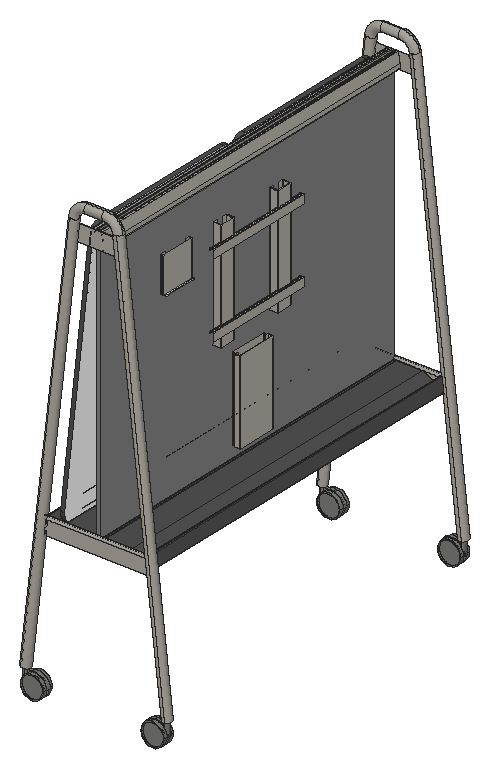
Revit family "Work_Tools_&_Leg_Screens-Teknion-CQCTB_Routes_Tech_Board-R2021", category Furniture, Revit 2021 (continued)
Lines and regions (in)
  symbolic lines, style "FurnitureHiddenLines", detail levels fine
    curve 20: line (-8.55724, -31.36211, 0) -> (-8.55724, -31.92711, 0)
    curve 21: line (-12.48099, -31.92711, 0) -> (-12.48099, -31.52853, 0)
    curve 22: line (-12.48099, -32.97772, 0) -> (-12.48099, -32.57711, 0)
    curve 23: line (-8.55724, -32.57711, 0) -> (-12.48099, -32.57711, 0)
    curve 24: line (-8.55724, -32.57711, 0) -> (-8.55724, -32.99478, 0)
    curve 25: line (-12.60742, -31.96711, 0) -> (-8.44179, -31.96711, 0)
    curve 26: line (-12.60742, -32.53711, 0) -> (-12.60742, -31.96711, 0)
    curve 27: line (-8.44179, -32.53711, 0) -> (-12.60742, -32.53711, 0)
    curve 28: line (-8.44179, -31.96711, 0) -> (-8.44179, -32.53711, 0)
    curve 29: line (8.60079, -31.36211, 0) -> (7.91139, -31.36211, 0)
    curve 30: line (7.91139, -31.92711, 0) -> (11.83514, -31.92711, 0)
    curve 31: line (7.91139, -31.36211, 0) -> (7.91139, -31.92711, 0)
    curve 32: line (11.83514, -31.92711, 0) -> (11.83514, -31.52853, 0)
    curve 33: line (11.83514, -32.97772, 0) -> (11.83514, -32.57711, 0)
    curve 34: line (7.91139, -32.57711, 0) -> (11.83514, -32.57711, 0)
    curve 35: line (7.91139, -32.57711, 0) -> (7.91139, -32.99478, 0)
    curve 36: line (11.96157, -31.96711, 0) -> (7.79594, -31.96711, 0)
    curve 37: line (11.96157, -32.53711, 0) -> (11.96157, -31.96711, 0)
    curve 38: line (7.79594, -32.53711, 0) -> (11.96157, -32.53711, 0)
    curve 39: line (7.79594, -31.96711, 0) -> (7.79594, -32.53711, 0)
    curve 46: line (-9.24664, 29.50349, 0) -> (-8.55724, 29.50349, 0)
    curve 47: line (-8.55724, 30.06849, 0) -> (-12.48099, 30.06849, 0)
    curve 48: line (-8.55724, 29.50349, 0) -> (-8.55724, 30.06849, 0)
    curve 49: line (-12.48099, 30.06849, 0) -> (-12.48099, 29.66992, 0)
    curve 50: line (-12.48099, 31.11911, 0) -> (-12.48099, 30.71849, 0)
    curve 51: line (-8.55724, 30.71849, 0) -> (-12.48099, 30.71849, 0)
    curve 52: line (-8.55724, 30.71849, 0) -> (-8.55724, 31.13617, 0)
    curve 53: line (-12.60742, 30.10849, 0) -> (-8.44179, 30.10849, 0)
    curve 54: line (-12.60742, 30.67849, 0) -> (-12.60742, 30.10849, 0)
    curve 55: line (-8.44179, 30.67849, 0) -> (-12.60742, 30.67849, 0)
    curve 56: line (-8.44179, 30.10849, 0) -> (-8.44179, 30.67849, 0)
    curve 57: line (8.60079, 29.50349, 0) -> (7.91139, 29.50349, 0)
    curve 58: line (7.91139, 30.06849, 0) -> (11.83514, 30.06849, 0)
    curve 59: line (7.91139, 29.50349, 0) -> (7.91139, 30.06849, 0)
    curve 60: line (11.83514, 30.06849, 0) -> (11.83514, 29.66992, 0)
    curve 61: line (11.83514, 31.11911, 0) -> (11.83514, 30.71849, 0)
    curve 62: line (7.91139, 30.71849, 0) -> (11.83514, 30.71849, 0)
    curve 63: line (7.91139, 30.71849, 0) -> (7.91139, 31.13617, 0)
    curve 64: line (11.96157, 30.10849, 0) -> (7.79594, 30.10849, 0)
    curve 65: line (11.96157, 30.67849, 0) -> (11.96157, 30.10849, 0)
    curve 66: line (7.79594, 30.67849, 0) -> (11.96157, 30.67849, 0)
    curve 67: line (7.79594, 30.10849, 0) -> (7.79594, 30.67849, 0)
  symbolic lines, style "FurnitureHiddenLines", detail levels medium+fine
    curve 40: spline (-12.03004, -31.54826, 0) -> (-11.85688, -31.63305, 0) -> (-11.71109, -31.7597, 0) -> (-11.60241, -31.91972, 0) -> (-11.53811, -32.10244, 0) -> (-11.52247, -32.29565, 0) -> (-11.55655, -32.48643, 0) -> (-11.63806, -32.66206, 0) -> (-11.76157, -32.81078, 0) -> (-11.91881, -32.92268, 0) -> (-12.09929, -32.99026, 0) -> (-12.29095, -33.00903, 0) -> (-12.48099, -32.97772, 0)
    curve 41: spline (11.83514, -32.97772, 0) -> (11.6451, -33.00903, 0) -> (11.45344, -32.99026, 0) -> (11.27296, -32.92268, 0) -> (11.11571, -32.81078, 0) -> (10.99221, -32.66206, 0) -> (10.9107, -32.48643, 0) -> (10.87662, -32.29565, 0) -> (10.89226, -32.10244, 0) -> (10.95656, -31.91972, 0) -> (11.06524, -31.7597, 0) -> (11.21103, -31.63305, 0) -> (11.38419, -31.54826, 0)
    curve 42: spline (-3.84049, -31.54826, 0) -> (-4.0314, -31.51084, 0) -> (-4.22543, -31.52445, 0) -> (-4.40935, -31.58814, 0) -> (-4.57062, -31.69757, 0) -> (-4.69826, -31.8453, 0) -> (-4.78357, -32.02125, 0) -> (-4.82074, -32.21343, 0) -> (-4.80723, -32.40875, 0) -> (-4.74396, -32.59389, 0) -> (-4.63524, -32.75624, 0) -> (-4.48849, -32.88473, 0) -> (-4.3137, -32.97061, 0)
    curve 43: spline (-4.3137, -32.97061, 0) -> (-4.12279, -33.00802, 0) -> (-3.92876, -32.99442, 0) -> (-3.74485, -32.93073, 0) -> (-3.58357, -32.82129, 0) -> (-3.45593, -32.67356, 0) -> (-3.37062, -32.49761, 0) -> (-3.33345, -32.30543, 0) -> (-3.34697, -32.11011, 0) -> (-3.41024, -31.92497, 0) -> (-3.51895, -31.76263, 0) -> (-3.6657, -31.63413, 0) -> (-3.84049, -31.54826, 0)
    curve 44: spline (3.19464, -31.54826, 0) -> (3.01985, -31.63413, 0) -> (2.8731, -31.76263, 0) -> (2.76438, -31.92497, 0) -> (2.70111, -32.11011, 0) -> (2.6876, -32.30543, 0) -> (2.72477, -32.49761, 0) -> (2.81008, -32.67356, 0) -> (2.93772, -32.82129, 0) -> (3.099, -32.93073, 0) -> (3.28291, -32.99442, 0) -> (3.47694, -33.00802, 0) -> (3.66785, -32.97061, 0)
    curve 45: spline (3.66785, -32.97061, 0) -> (3.84264, -32.88473, 0) -> (3.98939, -32.75624, 0) -> (4.0981, -32.59389, 0) -> (4.16137, -32.40875, 0) -> (4.17489, -32.21343, 0) -> (4.13772, -32.02125, 0) -> (4.05241, -31.8453, 0) -> (3.92477, -31.69757, 0) -> (3.76349, -31.58814, 0) -> (3.57958, -31.52445, 0) -> (3.38555, -31.51084, 0) -> (3.19464, -31.54826, 0)
    curve 68: spline (-12.03004, 29.68964, 0) -> (-11.85688, 29.77444, 0) -> (-11.71109, 29.90108, 0) -> (-11.60241, 30.06111, 0) -> (-11.53811, 30.24383, 0) -> (-11.52247, 30.43703, 0) -> (-11.55655, 30.62782, 0) -> (-11.63806, 30.80344, 0) -> (-11.76157, 30.95217, 0) -> (-11.91881, 31.06406, 0) -> (-12.09929, 31.13165, 0) -> (-12.29095, 31.15042, 0) -> (-12.48099, 31.11911, 0)
    curve 69: spline (11.83514, 31.11911, 0) -> (11.6451, 31.15042, 0) -> (11.45344, 31.13165, 0) -> (11.27296, 31.06406, 0) -> (11.11571, 30.95217, 0) -> (10.99221, 30.80344, 0) -> (10.9107, 30.62782, 0) -> (10.87662, 30.43703, 0) -> (10.89226, 30.24383, 0) -> (10.95656, 30.06111, 0) -> (11.06524, 29.90108, 0) -> (11.21103, 29.77444, 0) -> (11.38419, 29.68964, 0)
    curve 70: spline (-3.84049, 29.68964, 0) -> (-4.0314, 29.65223, 0) -> (-4.22543, 29.66583, 0) -> (-4.40935, 29.72952, 0) -> (-4.57062, 29.83896, 0) -> (-4.69826, 29.98669, 0) -> (-4.78357, 30.16264, 0) -> (-4.82074, 30.35482, 0) -> (-4.80723, 30.55014, 0) -> (-4.74396, 30.73528, 0) -> (-4.63524, 30.89762, 0) -> (-4.48849, 31.02612, 0) -> (-4.3137, 31.11199, 0)
    curve 71: spline (-4.3137, 31.11199, 0) -> (-4.12279, 31.14941, 0) -> (-3.92876, 31.1358, 0) -> (-3.74485, 31.07211, 0) -> (-3.58357, 30.96268, 0) -> (-3.45593, 30.81495, 0) -> (-3.37062, 30.639, 0) -> (-3.33345, 30.44682, 0) -> (-3.34697, 30.2515, 0) -> (-3.41024, 30.06636, 0) -> (-3.51895, 29.90401, 0) -> (-3.6657, 29.77552, 0) -> (-3.84049, 29.68964, 0)
    curve 72: spline (3.19464, 29.68964, 0) -> (3.01985, 29.77552, 0) -> (2.8731, 29.90401, 0) -> (2.76438, 30.06636, 0) -> (2.70111, 30.2515, 0) -> (2.6876, 30.44682, 0) -> (2.72477, 30.639, 0) -> (2.81008, 30.81495, 0) -> (2.93772, 30.96268, 0) -> (3.099, 31.07211, 0) -> (3.28291, 31.1358, 0) -> (3.47694, 31.14941, 0) -> (3.66785, 31.11199, 0)
    curve 73: spline (3.66785, 31.11199, 0) -> (3.84264, 31.02612, 0) -> (3.98939, 30.89762, 0) -> (4.0981, 30.73528, 0) -> (4.16137, 30.55014, 0) -> (4.17489, 30.35482, 0) -> (4.13772, 30.16264, 0) -> (4.05241, 29.98669, 0) -> (3.92477, 29.83896, 0) -> (3.76349, 29.72952, 0) -> (3.57958, 29.66583, 0) -> (3.38555, 29.65223, 0) -> (3.19464, 29.68964, 0)
    curve 74: line (-9.31799, 30.64349, 0) -> (8.68201, 30.64349, 0)
    curve 75: line (-9.31799, 29.89349, 0) -> (-9.31799, 30.64349, 0)
    curve 76: line (8.68201, 29.89349, 0) -> (-9.31799, 29.89349, 0)
    curve 77: line (8.68201, 30.64349, 0) -> (8.68201, 29.89349, 0)
    curve 78: line (-9.32562, -31.75211, 0) -> (8.67438, -31.75211, 0)
    curve 79: line (-9.32562, -32.50211, 0) -> (-9.32562, -31.75211, 0)
    curve 80: line (8.67438, -32.50211, 0) -> (-9.32562, -32.50211, 0)
    curve 81: line (8.67438, -31.75211, 0) -> (8.67438, -32.50211, 0)
Dimensions and locks (in)
  plane 4 "Left" to plane 5 "Right" = 25.31626"
  plane 6 "Back" to plane 7 "Front" = 64.4256"
  plane 8 "Top" to level = 77.87003"
  equal spacing: plane 7 "Front", plane 1 "Center Front/Back", plane 6 "Back"
  equal spacing: plane 4 "Left", plane 3 "Center Left/Right", plane 5 "Right"
  aligned and locked: level to plane 2
Automatic sketch dimensions
  curve 90 to curve 91 = 0.000"  (x2)
  curve 96 to curve 97 = 0.000"  (x2)
  curve 98 to curve 99 = 0.000"  (x2)
  curve 102 to curve 103 = 0.000"  (x2)
  curve 109 to curve 110 = 0.000"  (x2)
  curve 115 to curve 116 = 0.000"  (x2)
  curve 117 to curve 118 = 0.000"  (x2)
  curve 121 to curve 122 = 0.000"  (x2)
  curve 127 to curve 153 = 0.000"  (x2)
  curve 129 to curve 151 = 0.000"  (x2)
  curve 131 to curve 149 = 0.000"  (x2)
  curve 133 to curve 147 = 0.000"  (x2)
  curve 138 to curve 144 = 0.000"  (x2)
  curve 140 to curve 142 = 0.000"  (x2)
  curve 160 to curve 172 = 0.000"  (x2)
  curve 162 to curve 170 = 0.000"  (x2)
  curve 164 to curve 168 = 0.000"  (x2)
  curve 174 to curve 178 = 0.000"  (x2)
  plane 4 "Left" to curve 53 = 0.37363"
  plane 4 "Left" to curve 26 = 0.37363"
  curve 26 to curve 22 = 0.12643"
  curve 50 to plane 6 "Back" = 0.16438"
  curve 54 to curve 50 = 0.12643"
  curve 25 to curve 21 = 0.12643"
  curve 53 to curve 49 = 0.12643"
  curve 79 to plane 7 "Front" = 1.390"
  curve 19 to curve 79 = 3.15537"
  curve 75 to plane 6 "Back" = 1.390"
  curve 47 to curve 75 = 3.163"
  curve 78 to curve 20 = 0.76838"
  curve 75 to curve 46 = 0.76075"
  curve 23 to curve 19 = 0.000"
  curve 51 to curve 47 = 0.000"
  curve 23 to curve 27 = 0.11545"
  curve 51 to curve 55 = 0.11545"
  curve 5 to plane 6 "Back" = 0.87938"
  curve 5 to plane 3 "Center Left/Right" = 3.76284"
  curve 16 to plane 7 "Front" = 0.87938"
  curve 16 to plane 3 "Center Left/Right" = 3.76284"
  curve 13 to plane 3 "Center Left/Right" = 1.99282"
  curve 82 to plane 3 "Center Left/Right" = 1.99282"
  plane 3 "Center Left/Right" to curve 89 = 0.35838"
  plane 3 "Center Left/Right" to curve 108 = 0.35838"
  plane 3 "Center Left/Right" to curve 176 = 0.39838"
  plane 3 "Center Left/Right" to curve 167 = 0.39838"
  plane 3 "Center Left/Right" to curve 143 = 0.42248"
  plane 3 "Center Left/Right" to curve 101 = 0.43338"
  plane 3 "Center Left/Right" to curve 120 = 0.43338"
  curve 89 to curve 88 = 0.075"
  curve 106 to curve 106 = 0.075"
  curve 168 to curve 165 = 0.036"
  curve 144 to curve 139 = 0.0359"
  curve 88 to curve 85 = 0.030"
  curve 118 to curve 118 = 0.030"
  curve 99 to curve 94 = 0.030"
  curve 110 to curve 110 = 0.030"
  curve 164 to curve 163 = 0.031"
  curve 178 to curve 173 = 0.031"
  curve 138 to curve 144 = 0.031"
  curve 140 to curve 142 = 0.031"
  curve 178 to curve 160 = 0.366"
  curve 164 to curve 170 = 0.366"
  curve 160 to curve 161 = 0.031"
  curve 140 to curve 124 = 0.5581"
  curve 144 to curve 146 = 0.5581"
  curve 141 to curve 123 = 0.000"
  curve 136 to curve 145 = 0.000"
  curve 124 to curve 126 = 0.036"
  curve 133 to curve 147 = 0.031"
  curve 127 to curve 152 = 0.031"
  curve 172 to curve 180 = 0.250"
  curve 170 to curve 182 = 0.250"
  curve 182 to curve 181 = 0.250"
  plane 3 "Center Left/Right" to curve 157 = 1.6549"
  curve 110 to curve 122 = 1.290"
  curve 98 to curve 97 = 1.290"
  curve 117 to curve 114 = 1.290"
  curve 91 to curve 102 = 1.290"
  curve 102 to curve 92 = 0.030"
  curve 121 to curve 111 = 0.030"
  curve 147 to curve 148 = 0.741"
  curve 127 to curve 151 = 0.7439"
  curve 131 to curve 130 = 0.031"
  curve 155 to curve 158 = 0.70348"
  curve 17 to plane 7 "Front" = 0.87938"
  plane 3 "Center Left/Right" to curve 17 = 3.76284"
  curve 6 to plane 6 "Back" = 0.87938"
  plane 3 "Center Left/Right" to curve 6 = 3.76284"
  curve 67 to plane 6 "Back" = 0.605"
  curve 6 to curve 67 = 4.35602"
  curve 39 to plane 7 "Front" = 1.175"
  curve 17 to curve 39 = 4.35602"
  curve 64 to curve 59 = 0.11545"
  curve 66 to curve 62 = 0.11545"
  curve 38 to curve 35 = 0.11545"
  curve 36 to curve 31 = 0.11545"
  curve 34 to curve 81 = 0.763"
  curve 62 to curve 74 = 0.77063"
  curve 33 to plane 7 "Front" = 0.16438"
  plane 5 "Right" to curve 33 = 0.50006"
  plane 5 "Right" to curve 32 = 0.50006"
  plane 5 "Right" to curve 62 = 0.50006"
  plane 5 "Right" to curve 58 = 0.50006"
  curve 61 to curve 65 = 0.12643"
  curve 30 to curve 36 = 0.12643"
  curve 22 to plane 7 "Front" = 0.16438"
  curve 23 to plane 7 "Front" = 0.565"
  curve 35 to plane 7 "Front" = 0.565"
  curve 22 to curve 27 = 0.040"
  curve 33 to curve 38 = 0.040"
  curve 80 to plane 7 "Front" = 0.640"
  curve 26 to curve 26 = 0.570"
  curve 25 to curve 20 = 0.040"
  curve 36 to curve 31 = 0.040"
  curve 30 to curve 31 = 0.565"
  curve 19 to curve 20 = 0.565"
  curve 16 to curve 82 = 3.05615"
  curve 82 to curve 169 = 9.98467"
  curve 170 to curve 183 = 0.033"
  curve 164 to curve 165 = 0.683"
  curve 165 to curve 177 = 4.500"
  curve 176 to curve 180 = 0.400"
  curve 179 to curve 174 = 0.033"
  curve 180 to curve 157 = 2.975"
  curve 156 to curve 114 = 2.125"
  curve 118 to curve 119 = 0.645"
  curve 119 to curve 106 = 1.400"
  curve 106 to curve 109 = 0.495"
  curve 121 to curve 148 = 1.125"
  curve 146 to curve 146 = 0.1205"
  curve 136 to curve 136 = 0.2766"
  curve 143 to curve 82 = 0.38593"
  curve 13 to plane 1 "Center Front/Back" = 1.77795"
  curve 124 to plane 1 "Center Front/Back" = 3.0824"
  curve 124 to curve 140 = 0.2456"
  curve 141 to curve 154 = 0.1205"
  curve 152 to curve 95 = 1.125"
  curve 99 to curve 101 = 0.495"
  curve 100 to curve 87 = 1.400"
  curve 87 to curve 93 = 0.645"
  curve 102 to curve 158 = 2.125"
  curve 13 to curve 5 = 4.05547"
  curve 59 to curve 76 = 0.390"
  curve 48 to curve 75 = 0.390"
  curve 47 to curve 68 = 1.05062"
  curve 60 to curve 65 = 0.610"
  curve 58 to curve 64 = 0.040"
  curve 47 to curve 56 = 0.040"
  curve 77 to plane 6 "Back" = 0.640"
  curve 53 to curve 56 = 0.570"
  curve 66 to curve 62 = 0.040"
  curve 55 to curve 52 = 0.040"
  curve 61 to plane 6 "Back" = 0.16438"
  curve 22 to curve 40 = 0.21434"
  curve 49 to curve 68 = 0.21434"
  curve 68 to curve 68 = 0.23661"
  curve 40 to curve 40 = 0.23661"
  curve 75 to curve 46 = 0.07135"
  curve 78 to curve 18 = 0.07898"
  curve 7 to curve 5 = 1.67871"
  curve 42 to curve 16 = 0.22793"
  curve 70 to curve 5 = 0.22793"
  curve 16 to curve 42 = 0.00867"
  curve 5 to curve 70 = 0.00867"
  curve 43 to curve 42 = 0.000"  (x2)
  curve 71 to curve 70 = 0.000"  (x2)
  curve 70 to curve 71 = 0.23661"
  curve 42 to curve 42 = 0.23661"
  plane 1 "Center Front/Back" to curve 15 = 0.22205"
  curve 15 to curve 15 = 0.21396"
  curve 83 to curve 82 = 0.21396"
  curve 14 to curve 13 = 0.21396"
  curve 42 to curve 84 = 1.31078"
  curve 84 to curve 10 = 1.0611"
  curve 11 to plane 3 "Center Left/Right" = 0.29642"
  plane 3 "Center Left/Right" to curve 12 = 0.30004"
  curve 120 to curve 119 = 0.075"
  curve 101 to curve 100 = 0.075"
  curve 12 to curve 9 = 0.84788"
  curve 72 to curve 6 = 0.24528"
  curve 45 to curve 17 = 0.24528"
  curve 45 to curve 17 = 0.00867"
  curve 72 to curve 6 = 0.00867"
  curve 73 to curve 72 = 0.000"
  curve 44 to curve 45 = 0.000"  (x2)
  curve 6 to curve 72 = 0.22793"
  curve 17 to curve 44 = 0.22793"
  curve 17 to curve 8 = 1.68096"
  curve 29 to curve 78 = 0.0736"
  curve 57 to curve 76 = 0.08123"
  curve 69 to curve 60 = 0.45095"
  curve 41 to curve 32 = 0.45095"
  curve 69 to plane 6 "Back" = 0.13268"
  curve 69 to curve 69 = 0.21434"
  curve 41 to curve 33 = 0.21434"
  curve 24 to plane 7 "Front" = 0.14732"
  curve 35 to plane 7 "Front" = 0.14732"
  curve 45 to plane 7 "Front" = 0.13268"
  curve 41 to plane 7 "Front" = 0.13268"
  curve 16 to plane 7 "Front" = 0.12938"
  curve 17 to curve 44 = 0.00329"  (x2)
  curve 45 to plane 7 "Front" = 0.1715"
  curve 42 to plane 7 "Front" = 0.1715"
  curve 16 to curve 42 = 0.00329"  (x2)
  curve 22 to curve 40 = 0.31768"
  curve 33 to curve 41 = 0.31768"
  curve 19 to curve 40 = 0.37885"
  curve 21 to curve 40 = 0.0191"
  curve 30 to curve 32 = 0.39857"
  curve 8 to plane 7 "Front" = 1.64491"
  curve 10 to plane 7 "Front" = 1.64783"
  curve 10 to curve 11 = 0.000"
  curve 11 to curve 9 = 0.000"
  curve 11 to curve 12 = 0.000"  (x2)
  curve 7 to plane 7 "Front" = 1.65013"
  curve 10 to curve 84 = 0.28769"
  curve 83 to curve 83 = 2.000"
  curve 14 to curve 14 = 2.000"
  curve 9 to plane 6 "Back" = 1.64565"
  curve 8 to plane 6 "Back" = 1.64565"
  curve 10 to plane 6 "Back" = 1.64565"
  curve 12 to curve 9 = 0.000"
  curve 7 to plane 6 "Back" = 1.64565"
  curve 70 to curve 5 = 0.75329"
  curve 68 to curve 47 = 0.41768"
  curve 6 to curve 6 = 0.750"
  curve 71 to curve 5 = 0.00329"
  curve 60 to curve 58 = 0.39857"
  curve 68 to curve 49 = 0.0191"
  curve 6 to curve 73 = 0.03553"
  curve 70 to curve 70 = 0.03882"
  curve 68 to curve 68 = 0.03882"
  curve 60 to curve 69 = 0.01972"
  curve 73 to curve 6 = 0.00329"  (x2)
  curve 70 to curve 5 = 0.00329"
  curve 63 to plane 6 "Back" = 0.14732"
  curve 52 to plane 6 "Back" = 0.14732"
  curve 72 to curve 73 = 0.000"
  Sweep 1 sketch curve to profile plane = 0.21556"
  profile plane to Sweep 1 sketch curve = 0.72648"
  Sweep 2 sketch curve to plane 3 "Center Left/Right" = 1.49859"
  plane 3 "Center Left/Right" to Sweep 2 sketch curve = 1.49859"
  Sweep 2 sketch curve to plane 8 "Top" = 3.02155"
  Sweep 2 sketch curve to Sweep 2 sketch curve = 0.000"
  Sweep 2 sketch curve to plane 8 "Top" = 0.78205"
  Sweep 2 sketch curve to Sweep 2 sketch curve = 2.22204"  (x2)
  Sweep 2 sketch curve to profile plane = 0.03405"
  profile plane to Sweep 2 sketch curve = 31.31253"
  Sweep 3 sketch curve to profile plane = 0.21556"
  Sweep 3 sketch curve to profile plane = 0.72648"
  Sweep 4 sketch curve to plane 7 "Front" = 0.8153"
  Sweep 4 sketch curve to plane 7 "Front" = 0.890"
  Sweep 4 sketch curve to plane 8 "Top" = 4.71972"
  profile plane to Sweep 4 sketch curve = 1.53017"
  Sweep 4 sketch curve to profile plane = 1.21983"
  Sweep 4 sketch curve to profile plane = 3.37907"
  Sweep 4 sketch curve to Sweep 4 sketch curve = 0.3177"  (x2)
  profile plane to Sweep 4 sketch curve = 3.06362"
  Sweep 5 sketch curve to plane 7 "Front" = 1.215"
  plane 4 "Left" to Sweep 5 sketch curve = 2.46585"
  Sweep 5 sketch curve to Sweep 5 sketch curve = 0.565"
  Sweep 5 sketch curve to profile plane = 0.00391"
  profile plane to Sweep 5 sketch curve = 1.14732"
  Sweep 6 sketch curve to plane 7 "Front" = 0.605"
  Sweep 6 sketch curve to plane 7 "Front" = 1.175"
  plane 4 "Left" to Sweep 6 sketch curve = 2.83301"
  Sweep 6 sketch curve to Sweep 6 sketch curve = 0.000"  (x2)
  profile plane to Sweep 6 sketch curve = 0.31879"
  profile plane to Sweep 6 sketch curve = 1.70625"
  Sweep 6 sketch curve to Sweep 6 sketch curve = 0.11544"
  Sweep 6 sketch curve to profile plane = 0.37106"
  Sweep 6 sketch curve to Sweep 6 sketch curve = 0.0055"
  Sweep 6 sketch curve to profile plane = 0.86576"
  Sweep 6 sketch curve to Sweep 6 sketch curve = 0.93965"
  Sweep 6 sketch curve to Sweep 6 sketch curve = 0.12643"
  plane 4 "Left" to Sweep 7 sketch curve = 0.77782"
  level to Sweep 7 sketch curve = 1.9534"
  Sweep 7 sketch curve to Sweep 7 sketch curve = 2.32162"
  Sweep 7 sketch curve to profile plane = 0.00179"
  Sweep 7 sketch curve to profile plane = 10.50525"
  plane 7 "Front" to Sweep 8 sketch curve = 0.000"
  plane 4 "Left" to Sweep 8 sketch curve = 2.45803"
  Sweep 8 sketch curve to plane 7 "Front" = 0.565"
  Sweep 8 sketch curve to profile plane = 0.00391"
  profile plane to Sweep 8 sketch curve = 1.14732"
  plane 7 "Front" to Sweep 9 sketch curve = 0.000"
  plane 4 "Left" to Sweep 9 sketch curve = 2.48906"
  Sweep 9 sketch curve to plane 7 "Front" = 0.175"
  profile plane to Sweep 9 sketch curve = 0.03901"
  profile plane to Sweep 9 sketch curve = 1.14732"
  Sweep 10 sketch curve to plane 7 "Front" = 1.605"
  plane 4 "Left" to Sweep 10 sketch curve = 2.48906"
  Sweep 10 sketch curve to Sweep 10 sketch curve = 0.175"
  Sweep 10 sketch curve to profile plane = 0.03901"
  profile plane to Sweep 10 sketch curve = 1.14732"
  Sweep 11 sketch curve to plane 7 "Front" = 1.215"
  plane 5 "Right" to Sweep 11 sketch curve = 2.46585"
  Sweep 11 sketch curve to Sweep 11 sketch curve = 0.565"
  profile plane to Sweep 11 sketch curve = 0.00391"
  profile plane to Sweep 11 sketch curve = 1.14732"
  plane 5 "Right" to Sweep 12 sketch curve = 0.77782"
  level to Sweep 12 sketch curve = 4.27503"
  level to Sweep 12 sketch curve = 1.9534"
  profile plane to Sweep 12 sketch curve = 0.00179"
  Sweep 12 sketch curve to profile plane = 10.50525"
  plane 7 "Front" to Sweep 13 sketch curve = 0.000"
  plane 5 "Right" to Sweep 13 sketch curve = 2.45803"
  Sweep 13 sketch curve to plane 7 "Front" = 0.565"
  profile plane to Sweep 13 sketch curve = 0.00391"
  profile plane to Sweep 13 sketch curve = 1.14732"
  plane 7 "Front" to Sweep 14 sketch curve = 0.000"
  plane 5 "Right" to Sweep 14 sketch curve = 2.48906"
  Sweep 14 sketch curve to plane 7 "Front" = 0.175"
  Sweep 14 sketch curve to profile plane = 0.03901"
  profile plane to Sweep 14 sketch curve = 1.14732"
  Sweep 15 sketch curve to plane 7 "Front" = 1.605"
  plane 5 "Right" to Sweep 15 sketch curve = 2.48906"
  Sweep 15 sketch curve to Sweep 15 sketch curve = 0.175"
  profile plane to Sweep 15 sketch curve = 0.03901"
  profile plane to Sweep 15 sketch curve = 1.14732"
  Sweep 16 sketch curve to profile plane = 0.21556"
  profile plane to Sweep 16 sketch curve = 0.72648"
  Sweep 17 sketch curve to plane 3 "Center Left/Right" = 1.49859"
  plane 3 "Center Left/Right" to Sweep 17 sketch curve = 1.49859"
  Sweep 17 sketch curve to plane 8 "Top" = 3.02155"
  Sweep 17 sketch curve to Sweep 17 sketch curve = 0.000"
  Sweep 17 sketch curve to plane 8 "Top" = 0.78205"
  Sweep 17 sketch curve to Sweep 17 sketch curve = 2.22204"  (x2)
  Sweep 17 sketch curve to profile plane = 0.03405"
  profile plane to Sweep 17 sketch curve = 31.31253"
  Sweep 18 sketch curve to profile plane = 0.21556"
  Sweep 18 sketch curve to profile plane = 0.72648"
  Sweep 19 sketch curve to plane 6 "Back" = 0.9647"
  Sweep 19 sketch curve to plane 6 "Back" = 0.890"
  Sweep 19 sketch curve to plane 8 "Top" = 4.71972"
  profile plane to Sweep 19 sketch curve = 1.53017"
  Sweep 19 sketch curve to profile plane = 1.21983"
  Sweep 19 sketch curve to profile plane = 3.37907"
  Sweep 19 sketch curve to Sweep 19 sketch curve = 0.3177"  (x2)
  profile plane to Sweep 19 sketch curve = 3.06362"
  Sweep 20 sketch curve to plane 7 "Front" = 0.605"
  Sweep 20 sketch curve to plane 7 "Front" = 1.175"
  plane 5 "Right" to Sweep 20 sketch curve = 2.83301"
  Sweep 20 sketch curve to Sweep 20 sketch curve = 0.000"  (x2)
  profile plane to Sweep 20 sketch curve = 0.31879"
  profile plane to Sweep 20 sketch curve = 2.45938"
  Sweep 20 sketch curve to Sweep 20 sketch curve = 0.12643"
  Sweep 20 sketch curve to Sweep 20 sketch curve = 0.52753"
  profile plane to Sweep 20 sketch curve = 0.86576"
  profile plane to Sweep 20 sketch curve = 0.37656"
  Sweep 20 sketch curve to Sweep 20 sketch curve = 0.0055"
  Sweep 20 sketch curve to Sweep 20 sketch curve = 0.11544"
  Sweep 21 sketch curve to plane 6 "Back" = 0.000"
  plane 4 "Left" to Sweep 21 sketch curve = 2.46585"
  Sweep 21 sketch curve to plane 6 "Back" = 0.565"
  Sweep 21 sketch curve to profile plane = 0.00391"
  profile plane to Sweep 21 sketch curve = 1.14732"
  Sweep 22 sketch curve to plane 6 "Back" = 1.175"
  Sweep 22 sketch curve to plane 6 "Back" = 0.605"
  plane 4 "Left" to Sweep 22 sketch curve = 2.83301"
  Sweep 22 sketch curve to Sweep 22 sketch curve = 0.000"  (x2)
  profile plane to Sweep 22 sketch curve = 0.31879"
  profile plane to Sweep 22 sketch curve = 1.70625"
  Sweep 22 sketch curve to Sweep 22 sketch curve = 0.11544"
  Sweep 22 sketch curve to profile plane = 0.37106"
  Sweep 22 sketch curve to Sweep 22 sketch curve = 0.0055"
  Sweep 22 sketch curve to profile plane = 0.86576"
  Sweep 22 sketch curve to Sweep 22 sketch curve = 0.93965"
  Sweep 22 sketch curve to Sweep 22 sketch curve = 0.12643"
  plane 4 "Left" to Sweep 23 sketch curve = 0.77782"
  level to Sweep 23 sketch curve = 1.9534"
  Sweep 23 sketch curve to Sweep 23 sketch curve = 2.32162"
  Sweep 23 sketch curve to profile plane = 0.00179"
  Sweep 23 sketch curve to profile plane = 10.50525"
  Sweep 24 sketch curve to plane 6 "Back" = 1.215"
  plane 4 "Left" to Sweep 24 sketch curve = 2.45803"
  Sweep 24 sketch curve to Sweep 24 sketch curve = 0.565"
  Sweep 24 sketch curve to profile plane = 0.00391"
  profile plane to Sweep 24 sketch curve = 1.14732"
  Sweep 25 sketch curve to plane 6 "Back" = 1.605"
  plane 4 "Left" to Sweep 25 sketch curve = 2.48906"
  Sweep 25 sketch curve to Sweep 25 sketch curve = 0.175"
  profile plane to Sweep 25 sketch curve = 0.03901"
  profile plane to Sweep 25 sketch curve = 1.14732"
  Sweep 26 sketch curve to plane 6 "Back" = 0.000"
  plane 4 "Left" to Sweep 26 sketch curve = 2.48906"
  Sweep 26 sketch curve to Sweep 26 sketch curve = 0.175"
  Sweep 26 sketch curve to profile plane = 0.03901"
  profile plane to Sweep 26 sketch curve = 1.14732"
  Sweep 27 sketch curve to plane 6 "Back" = 0.000"
  plane 5 "Right" to Sweep 27 sketch curve = 2.46585"
  Sweep 27 sketch curve to plane 6 "Back" = 0.565"
  profile plane to Sweep 27 sketch curve = 0.00391"
  profile plane to Sweep 27 sketch curve = 1.14732"
  plane 5 "Right" to Sweep 28 sketch curve = 0.77782"
  level to Sweep 28 sketch curve = 4.27503"
  level to Sweep 28 sketch curve = 1.9534"
  profile plane to Sweep 28 sketch curve = 0.00179"
  Sweep 28 sketch curve to profile plane = 10.50525"
  Sweep 29 sketch curve to plane 6 "Back" = 1.215"
  plane 5 "Right" to Sweep 29 sketch curve = 2.45803"
  Sweep 29 sketch curve to Sweep 29 sketch curve = 0.565"
  profile plane to Sweep 29 sketch curve = 0.00391"
  profile plane to Sweep 29 sketch curve = 1.14732"
  Sweep 30 sketch curve to plane 6 "Back" = 1.605"
  plane 5 "Right" to Sweep 30 sketch curve = 2.48906"
  Sweep 30 sketch curve to Sweep 30 sketch curve = 0.175"
  Sweep 30 sketch curve to profile plane = 0.03901"
  profile plane to Sweep 30 sketch curve = 1.14732"
  Sweep 31 sketch curve to plane 6 "Back" = 0.000"
  plane 5 "Right" to Sweep 31 sketch curve = 2.48906"
  Sweep 31 sketch curve to Sweep 31 sketch curve = 0.175"
  profile plane to Sweep 31 sketch curve = 0.03901"
  profile plane to Sweep 31 sketch curve = 1.14732"
  Sweep 32 sketch curve to plane 6 "Back" = 1.175"
  Sweep 32 sketch curve to plane 6 "Back" = 0.605"
  plane 5 "Right" to Sweep 32 sketch curve = 2.83301"
  Sweep 32 sketch curve to Sweep 32 sketch curve = 0.000"  (x2)
  profile plane to Sweep 32 sketch curve = 0.31879"
  profile plane to Sweep 32 sketch curve = 2.45938"
  Sweep 32 sketch curve to Sweep 32 sketch curve = 0.12643"
  Sweep 32 sketch curve to Sweep 32 sketch curve = 0.52753"
  profile plane to Sweep 32 sketch curve = 0.86576"
  profile plane to Sweep 32 sketch curve = 0.37656"
  Sweep 32 sketch curve to Sweep 32 sketch curve = 0.0055"
  Sweep 32 sketch curve to Sweep 32 sketch curve = 0.11544"
  Sweep 33 sketch curve to plane 3 "Center Left/Right" = 0.000"
  Sweep 33 sketch curve to plane 7 "Front" = 1.390"
  Sweep 33 sketch curve to plane 6 "Back" = 1.390"
  Sweep 33 sketch curve to Sweep 33 sketch curve = 0.000"  (x13)
  profile plane to Sweep 33 sketch curve = 8.92367"
  Sweep 33 sketch curve to Sweep 33 sketch curve = 0.04952"  (x4)
  Sweep 33 sketch curve to Sweep 33 sketch curve = 0.04315"
  Sweep 33 sketch curve to Sweep 33 sketch curve = 0.05148"  (x2)
  Sweep 33 sketch curve to Sweep 33 sketch curve = 0.13784"
  Sweep 33 sketch curve to Sweep 33 sketch curve = 0.04756"  (x2)
  Sweep 33 sketch curve to Sweep 33 sketch curve = 0.0995"  (x2)
  Sweep 33 sketch curve to Sweep 33 sketch curve = 0.0932"  (x2)
  Sweep 33 sketch curve to Sweep 33 sketch curve = 0.04455"  (x4)
  Sweep 33 sketch curve to Sweep 33 sketch curve = 0.76785"  (x2)
  Sweep 33 sketch curve to Sweep 33 sketch curve = 0.3756"  (x2)
  Sweep 33 sketch curve to Sweep 33 sketch curve = 0.19478"  (x2)
  Sweep 33 sketch curve to Sweep 33 sketch curve = 0.0231"  (x2)
  Sweep 33 sketch curve to Sweep 33 sketch curve = 1.94287"
  Sweep 33 sketch curve to Sweep 33 sketch curve = 0.01232"  (x2)
  profile plane to Sweep 33 sketch curve = 0.92388"
  Sweep 33 sketch curve to Sweep 33 sketch curve = 0.3953"  (x2)
  Sweep 33 sketch curve to Sweep 33 sketch curve = 0.030"  (x4)
  Sweep 33 sketch curve to Sweep 33 sketch curve = 0.1047"
  Sweep 33 sketch curve to profile plane = 0.39612"
  Sweep 33 sketch curve to Sweep 33 sketch curve = 4.51768"
  Sweep 33 sketch curve to Sweep 33 sketch curve = 1.93209"
  Sweep 33 sketch curve to Sweep 33 sketch curve = 0.44124"
  Sweep 33 sketch curve to Sweep 33 sketch curve = 0.04511"
  level to Sweep 33 sketch curve = 25.65691"
  Sweep 33 sketch curve to Sweep 33 sketch curve = 0.00499"  (x2)
  Sweep 33 sketch curve to Sweep 33 sketch curve = 0.44797"  (x2)
  Sweep 33 sketch curve to Sweep 33 sketch curve = 0.50667"  (x2)
  Sweep 33 sketch curve to Sweep 33 sketch curve = 0.03979"
  Sweep 33 sketch curve to Sweep 33 sketch curve = 0.04185"  (x2)
  Sweep 33 sketch curve to Sweep 33 sketch curve = 0.18942"  (x2)
  Sweep 33 sketch curve to Sweep 33 sketch curve = 0.8175"  (x2)
  Sweep 33 sketch curve to Sweep 33 sketch curve = 0.0747"
  Sweep 33 sketch curve to Sweep 33 sketch curve = 1.06669"
  Sweep 33 sketch curve to Sweep 33 sketch curve = 0.0478"  (x2)
  Sweep 33 sketch curve to Sweep 33 sketch curve = 0.01002"  (x2)
  Sweep 33 sketch curve to Sweep 33 sketch curve = 0.00479"  (x2)
  Sweep 34 sketch curve to plane 6 "Back" = 0.7147"
  plane 4 "Left" to Sweep 34 sketch curve = 3.66307"
  plane 5 "Right" to Sweep 34 sketch curve = 3.65319"
  Sweep 34 sketch curve to Sweep 34 sketch curve = 0.000"  (x3)
  Sweep 34 sketch curve to profile plane = 0.000"
  profile plane to Sweep 34 sketch curve = 0.3003"
  Sweep 34 sketch curve to Sweep 34 sketch curve = 0.0747"
  level to Sweep 34 sketch curve = 25.35509"
  Sweep 34 sketch curve to Sweep 34 sketch curve = 2.375"
  Sweep 35 sketch curve to plane 7 "Front" = 1.3153"
  plane 4 "Left" to Sweep 35 sketch curve = 3.65544"
  plane 5 "Right" to Sweep 35 sketch curve = 3.66082"
  Sweep 35 sketch curve to Sweep 35 sketch curve = 0.000"  (x3)
  Sweep 35 sketch curve to profile plane = 0.000"
  profile plane to Sweep 35 sketch curve = 0.3003"
  Sweep 35 sketch curve to Sweep 35 sketch curve = 0.0747"
  level to Sweep 35 sketch curve = 25.35509"
  Sweep 35 sketch curve to Sweep 35 sketch curve = 2.375"
  plane 1 "Center Front/Back" to Sweep 36 sketch curve = 0.000"
  Sweep 36 sketch curve to plane 3 "Center Left/Right" = 0.35762"
  plane 3 "Center Left/Right" to Sweep 36 sketch curve = 0.35762"
  profile plane to Sweep 36 sketch curve = 30.94227"
  Sweep 36 sketch curve to profile plane = 30.77747"
  level to Sweep 36 sketch curve = 26.76541"
  Sweep 36 sketch curve to Sweep 36 sketch curve = 47.46704"
  Sweep 37 sketch curve to plane 3 "Center Left/Right" = 0.000"
  Sweep 37 sketch curve to plane 7 "Front" = 0.890"
  Sweep 37 sketch curve to plane 6 "Back" = 0.9647"
  Sweep 37 sketch curve to Sweep 37 sketch curve = 0.000"  (x16)
  profile plane to Sweep 37 sketch curve = 1.14568"
  Sweep 37 sketch curve to Sweep 37 sketch curve = 0.0478"  (x3)
  Sweep 37 sketch curve to Sweep 37 sketch curve = 0.030"  (x7)
  profile plane to Sweep 37 sketch curve = 0.92919"
  Sweep 37 sketch curve to Sweep 37 sketch curve = 0.04743"
  Sweep 37 sketch curve to Sweep 37 sketch curve = 0.02977"
  profile plane to Sweep 37 sketch curve = 0.37348"
  profile plane to Sweep 37 sketch curve = 0.35788"
  Sweep 37 sketch curve to profile plane = 0.26792"
  Sweep 37 sketch curve to profile plane = 0.36012"
  Sweep 37 sketch curve to Sweep 37 sketch curve = 0.47852"
  Sweep 37 sketch curve to Sweep 37 sketch curve = 0.03027"
  Sweep 37 sketch curve to Sweep 37 sketch curve = 0.04693"
  Sweep 37 sketch curve to Sweep 37 sketch curve = 0.710"
  level to Sweep 37 sketch curve = 71.68524"
  Sweep 37 sketch curve to Sweep 37 sketch curve = 0.74422"  (x2)
  Sweep 37 sketch curve to Sweep 37 sketch curve = 0.00298"  (x2)
  Sweep 37 sketch curve to Sweep 37 sketch curve = 1.44268"
  Sweep 37 sketch curve to Sweep 37 sketch curve = 0.20443"
  Sweep 37 sketch curve to Sweep 37 sketch curve = 0.2047"
  Sweep 37 sketch curve to Sweep 37 sketch curve = 0.00027"
  Sweep 38 sketch curve to plane 4 "Left" = 6.29263"
  Sweep 38 sketch curve to level = 26.87481"
  Sweep 38 sketch curve to Sweep 38 sketch curve = 0.70891"
  Sweep 38 sketch curve to Sweep 38 sketch curve = 0.07628"
  Sweep 38 sketch curve to profile plane = 0.000"
  profile plane to Sweep 38 sketch curve = 2.000"  (x2)
  plane 1 "Center Front/Back" to Sweep 38 sketch curve = 0.22205"
  Sweep 38 sketch curve to plane 1 "Center Front/Back" = 1.77795"
  Sweep 38 sketch curve to Sweep 38 sketch curve = 43.500"
  Sweep 38 sketch curve to Sweep 38 sketch curve = 2.000"
  Sweep 38 sketch curve to Sweep 38 sketch curve = 25.500"
  plane 4 "Left" to Masking region 1 sketch curve = 0.66465"
  Masking region 1 sketch curve to plane 6 "Back" = 0.14732"
  plane 4 "Left" to Masking region 1 sketch curve = 0.71441"
  plane 5 "Right" to Masking region 1 sketch curve = 0.71441"
  Masking region 1 sketch curve to Masking region 1 sketch curve = 0.04975"
  Masking region 1 sketch curve to Masking region 1 sketch curve = 1.49833"
  Masking region 1 sketch curve to Masking region 1 sketch curve = 0.74833"  (x2)
  Masking region 2 sketch curve to plane 6 "Back" = 0.000"
  plane 4 "Left" to Masking region 2 sketch curve = 0.50006"  (x2)
  Masking region 2 sketch curve to Masking region 2 sketch curve = 0.18622"  (x2)
  plane 4 "Left" to Masking region 2 sketch curve = 0.71961"
  Masking region 2 sketch curve to Masking region 2 sketch curve = 0.000"
  Masking region 2 sketch curve to Masking region 2 sketch curve = 3.04813"
  Masking region 2 sketch curve to Masking region 2 sketch curve = 0.6894"
  Masking region 2 sketch curve to plane 6 "Back" = 0.14732"
  Masking region 2 sketch curve to Masking region 2 sketch curve = 0.1794"
  Masking region 2 sketch curve to Masking region 2 sketch curve = 0.00177"
  Masking region 2 sketch curve to Masking region 2 sketch curve = 0.7162"
  Masking region 2 sketch curve to Masking region 2 sketch curve = 0.13435"
  Masking region 3 sketch curve to plane 6 "Back" = 0.000"
  Masking region 3 sketch curve to plane 6 "Back" = 0.14732"
  Masking region 3 sketch curve to plane 6 "Back" = 0.1794"
  Masking region 3 sketch curve to Masking region 3 sketch curve = 0.74828"
  Masking region 3 sketch curve to Masking region 3 sketch curve = 0.00177"
  plane 5 "Right" to Masking region 3 sketch curve = 0.50006"  (x2)
  Masking region 3 sketch curve to Masking region 3 sketch curve = 0.7162"
  Masking region 3 sketch curve to plane 6 "Back" = 1.64565"
  Masking region 3 sketch curve to Masking region 3 sketch curve = 0.13435"
  Masking region 3 sketch curve to Masking region 3 sketch curve = 0.18622"  (x2)
  Masking region 3 sketch curve to Masking region 3 sketch curve = 3.04813"
  Masking region 3 sketch curve to Masking region 3 sketch curve = 0.6894"
  Masking region 4 sketch curve to plane 7 "Front" = 1.63265"
  plane 4 "Left" to Masking region 4 sketch curve = 3.73442"
  plane 5 "Right" to Masking region 4 sketch curve = 3.73171"
  Masking region 4 sketch curve to plane 6 "Back" = 1.64565"
  plane 4 "Left" to Masking region 5 sketch curve = 5.58373"
  Masking region 5 sketch curve to Masking region 5 sketch curve = 0.21396"  (x3)
  plane 1 "Center Front/Back" to Masking region 5 sketch curve = 0.22205"
  Masking region 5 sketch curve to plane 3 "Center Left/Right" = 1.49787"  (x2)
  Masking region 5 sketch curve to plane 1 "Center Front/Back" = 1.77795"  (x2)
  Masking region 5 sketch curve to plane 6 "Back" = 4.93485"  (x2)
  Masking region 5 sketch curve to Masking region 5 sketch curve = 2.000"
  Masking region 6 sketch curve to plane 7 "Front" = 1.64565"
  Masking region 6 sketch curve to plane 7 "Front" = 0.14732"
  plane 4 "Left" to Masking region 6 sketch curve = 0.66465"
  plane 4 "Left" to Masking region 6 sketch curve = 0.71441"
  plane 5 "Right" to Masking region 6 sketch curve = 0.71441"
  Masking region 6 sketch curve to Masking region 6 sketch curve = 0.04975"
  Masking region 6 sketch curve to Masking region 6 sketch curve = 0.00167"
  Masking region 6 sketch curve to Masking region 6 sketch curve = 0.74833"
  plane 7 "Front" to Masking region 7 sketch curve = 0.000"
  Masking region 7 sketch curve to Masking region 7 sketch curve = 0.14732"
  Masking region 7 sketch curve to Masking region 7 sketch curve = 0.1794"
  Masking region 7 sketch curve to Masking region 7 sketch curve = 0.74828"
  Masking region 7 sketch curve to Masking region 7 sketch curve = 0.00177"
  plane 4 "Left" to Masking region 7 sketch curve = 0.50006"  (x2)
  Masking region 7 sketch curve to Masking region 7 sketch curve = 0.7162"
  Masking region 7 sketch curve to plane 7 "Front" = 1.64565"
  Masking region 7 sketch curve to Masking region 7 sketch curve = 0.13435"
  Masking region 7 sketch curve to Masking region 7 sketch curve = 0.18622"  (x2)
  Masking region 7 sketch curve to Masking region 7 sketch curve = 3.04813"
  Masking region 7 sketch curve to Masking region 7 sketch curve = 0.6894"
  plane 7 "Front" to Masking region 8 sketch curve = 0.000"
  plane 5 "Right" to Masking region 8 sketch curve = 0.50006"  (x2)
  Masking region 8 sketch curve to Masking region 8 sketch curve = 0.18622"  (x2)
  plane 5 "Right" to Masking region 8 sketch curve = 0.71961"
  Masking region 8 sketch curve to Masking region 8 sketch curve = 0.000"
  Masking region 8 sketch curve to Masking region 8 sketch curve = 3.04813"
  Masking region 8 sketch curve to Masking region 8 sketch curve = 0.6894"
  Masking region 8 sketch curve to Masking region 8 sketch curve = 0.14732"
  Masking region 8 sketch curve to Masking region 8 sketch curve = 0.1794"
  Masking region 8 sketch curve to Masking region 8 sketch curve = 0.00177"
  Masking region 8 sketch curve to Masking region 8 sketch curve = 0.7162"
  Masking region 8 sketch curve to Masking region 8 sketch curve = 0.13435"
  Sweep 39 sketch curve to plane 1 "Center Front/Back" = 0.000"
  level to Sweep 39 sketch curve = 29.68641"
  Sweep 39 sketch curve to Sweep 39 sketch curve = 14.000"
  Sweep 39 sketch curve to Sweep 39 sketch curve = 0.000"  (x14)
  plane 3 "Center Left/Right" to Sweep 39 sketch curve = 0.42248"
  Sweep 39 sketch curve to Sweep 39 sketch curve = 0.0359"
  Sweep 39 sketch curve to Sweep 39 sketch curve = 0.031"  (x5)
  Sweep 39 sketch curve to Sweep 39 sketch curve = 0.5581"  (x2)
  Sweep 39 sketch curve to Sweep 39 sketch curve = 0.036"
  Sweep 39 sketch curve to Sweep 39 sketch curve = 0.741"
  Sweep 39 sketch curve to Sweep 39 sketch curve = 0.7439"
  profile plane to Sweep 39 sketch curve = 3.4176"
  Sweep 39 sketch curve to Sweep 39 sketch curve = 0.1205"  (x2)
  Sweep 39 sketch curve to Sweep 39 sketch curve = 0.2766"
  Sweep 39 sketch curve to profile plane = 3.0824"
  Sweep 39 sketch curve to Sweep 39 sketch curve = 0.2456"
  Sweep 40 sketch curve to plane 1 "Center Front/Back" = 0.000"
  Sweep 40 sketch curve to plane 8 "Top" = 31.18362"
  Sweep 40 sketch curve to plane 8 "Top" = 12.68362"
  Sweep 40 sketch curve to Sweep 40 sketch curve = 0.000"  (x17)
  plane 3 "Center Left/Right" to Sweep 40 sketch curve = 1.75338"
  profile plane to Sweep 40 sketch curve = 7.4574"
  Sweep 40 sketch curve to Sweep 40 sketch curve = 0.075"  (x2)
  Sweep 40 sketch curve to Sweep 40 sketch curve = 0.030"  (x6)
  Sweep 40 sketch curve to Sweep 40 sketch curve = 0.645"  (x2)
  plane 3 "Center Left/Right" to Sweep 40 sketch curve = 0.35838"  (x2)
  Sweep 40 sketch curve to Sweep 40 sketch curve = 1.400"  (x2)
  Sweep 40 sketch curve to Sweep 40 sketch curve = 0.495"  (x3)
  plane 3 "Center Left/Right" to Sweep 40 sketch curve = 0.46338"
  Sweep 40 sketch curve to profile plane = 4.5426"
  plane 3 "Center Left/Right" to Sweep 40 sketch curve = 0.43338"
  Sweep 40 sketch curve to Sweep 40 sketch curve = 1.290"
  plane 1 "Center Front/Back" to Sweep 41 sketch curve = 9.4176"
  Sweep 41 sketch curve to plane 8 "Top" = 15.83643"
  Sweep 41 sketch curve to plane 1 "Center Front/Back" = 9.5824"
  Sweep 41 sketch curve to Sweep 41 sketch curve = 0.000"  (x9)
  plane 3 "Center Left/Right" to Sweep 41 sketch curve = 2.35838"
  profile plane to Sweep 41 sketch curve = 13.34543"
  plane 3 "Center Left/Right" to Sweep 41 sketch curve = 1.72876"
  Sweep 41 sketch curve to Sweep 41 sketch curve = 1.07768"
  plane 3 "Center Left/Right" to Sweep 41 sketch curve = 1.6549"  (x2)
  Sweep 41 sketch curve to Sweep 41 sketch curve = 0.01302"  (x3)
  Sweep 41 sketch curve to Sweep 41 sketch curve = 0.21632"  (x2)
  plane 3 "Center Left/Right" to Sweep 41 sketch curve = 1.76785"
  plane 3 "Center Left/Right" to Sweep 41 sketch curve = 1.69399"
  Sweep 41 sketch curve to Sweep 41 sketch curve = 0.031"  (x2)
  profile plane to Sweep 41 sketch curve = 0.747"
  Sweep 41 sketch curve to profile plane = 0.33068"
  Sweep 41 sketch curve to profile plane = 0.547"
  Sweep 41 sketch curve to Sweep 41 sketch curve = 0.00538"
  Sweep 41 sketch curve to Sweep 41 sketch curve = 0.075"
  Sweep 41 sketch curve to Sweep 41 sketch curve = 0.454"
  plane 1 "Center Front/Back" to Sweep 42 sketch curve = 15.2926"
  Sweep 42 sketch curve to plane 8 "Top" = 18.71962"
  Sweep 42 sketch curve to Sweep 42 sketch curve = 6.036"
  Sweep 42 sketch curve to Sweep 42 sketch curve = 0.000"  (x8)
  plane 3 "Center Left/Right" to Sweep 42 sketch curve = 0.39838"  (x2)
  Sweep 42 sketch curve to Sweep 42 sketch curve = 0.036"
  Sweep 42 sketch curve to Sweep 42 sketch curve = 0.031"  (x3)
  Sweep 42 sketch curve to Sweep 42 sketch curve = 0.366"  (x2)
  profile plane to Sweep 42 sketch curve = 3.000"
  Sweep 42 sketch curve to Sweep 42 sketch curve = 0.683"  (x2)
  Sweep 42 sketch curve to profile plane = 2.250"
  plane 1 "Center Front/Back" to Sweep 43 sketch curve = 15.2926"
  Sweep 43 sketch curve to plane 8 "Top" = 18.71962"
  Sweep 43 sketch curve to Sweep 43 sketch curve = 0.067"
  plane 3 "Center Left/Right" to Sweep 43 sketch curve = 0.86238"
  profile plane to Sweep 43 sketch curve = 2.900"
  Sweep 43 sketch curve to Sweep 43 sketch curve = 0.250"  (x2)
  plane 3 "Center Left/Right" to Sweep 43 sketch curve = 1.39838"
  Sweep 43 sketch curve to profile plane = 2.650"
  Sweep 44 sketch curve to plane 4 "Left" = 6.29263"
  Sweep 44 sketch curve to level = 26.87481"
  Sweep 44 sketch curve to Sweep 44 sketch curve = 0.70891"
  Sweep 44 sketch curve to Sweep 44 sketch curve = 0.07628"
  Sweep 44 sketch curve to profile plane = 0.000"
  profile plane to Sweep 44 sketch curve = 2.000"  (x2)
  Sweep 44 sketch curve to profile plane = 0.77862"  (x2)
  Sweep 44 sketch curve to Sweep 44 sketch curve = 43.500"
  Sweep 44 sketch curve to Sweep 44 sketch curve = 0.000"
  Sweep 44 sketch curve to Sweep 44 sketch curve = 25.500"
  plane 4 "Left" to Masking region 9 sketch curve = 5.58373"
  plane 1 "Center Front/Back" to Masking region 9 sketch curve = 0.77727"
  Masking region 9 sketch curve to Masking region 9 sketch curve = 0.21396"  (x3)
  Masking region 9 sketch curve to plane 3 "Center Left/Right" = 1.49787"  (x2)
  Masking region 9 sketch curve to Masking region 9 sketch curve = 2.000"  (x2)
  Masking region 9 sketch curve to plane 7 "Front" = 3.93553"  (x2)
  Masking region 9 sketch curve to plane 7 "Front" = 1.93553"
  Sweep 45 sketch curve to plane 4 "Left" = 6.29263"
  Sweep 45 sketch curve to level = 26.87481"
  Sweep 45 sketch curve to Sweep 45 sketch curve = 0.70891"
  Sweep 45 sketch curve to Sweep 45 sketch curve = 0.07628"
  Sweep 45 sketch curve to profile plane = 0.000"
  profile plane to Sweep 45 sketch curve = 2.000"  (x2)
  profile plane to Sweep 45 sketch curve = 0.22205"
  Sweep 45 sketch curve to profile plane = 1.77795"
  Sweep 45 sketch curve to Sweep 45 sketch curve = 43.500"
  Sweep 45 sketch curve to Sweep 45 sketch curve = 2.000"
  Sweep 45 sketch curve to Sweep 45 sketch curve = 25.500"
  Sweep 46 sketch curve to plane 4 "Left" = 6.29263"
  Sweep 46 sketch curve to level = 26.87481"
  Sweep 46 sketch curve to Sweep 46 sketch curve = 0.70891"
  Sweep 46 sketch curve to Sweep 46 sketch curve = 0.07628"
  Sweep 46 sketch curve to profile plane = 0.000"
  profile plane to Sweep 46 sketch curve = 2.000"  (x2)
  profile plane to Sweep 46 sketch curve = 0.22205"
  Sweep 46 sketch curve to profile plane = 1.77795"
  Sweep 46 sketch curve to Sweep 46 sketch curve = 43.500"
  Sweep 46 sketch curve to Sweep 46 sketch curve = 2.000"
  Sweep 46 sketch curve to Sweep 46 sketch curve = 25.500"
  radius of Sweep 1 sketch curve = 0.750"
  radius of Sweep 2 sketch curve = 0.750"
  radius of Sweep 3 sketch curve = 0.750"
  radius of Sweep 5 sketch curve = 1.96188"
  radius of Sweep 7 sketch curve = 0.40398"
  radius of Sweep 8 sketch curve = 1.96188"
  radius of Sweep 9 sketch curve = 1.85693"
  radius of Sweep 10 sketch curve = 1.85693"
  radius of Sweep 11 sketch curve = 1.96188"
  radius of Sweep 12 sketch curve = 0.40398"
  radius of Sweep 13 sketch curve = 1.96188"
  radius of Sweep 14 sketch curve = 1.85693"
  radius of Sweep 15 sketch curve = 1.85693"
  radius of Sweep 16 sketch curve = 0.750"
  radius of Sweep 17 sketch curve = 0.750"
  radius of Sweep 18 sketch curve = 0.750"
  radius of Sweep 21 sketch curve = 1.96188"
  radius of Sweep 23 sketch curve = 0.40398"
  radius of Sweep 24 sketch curve = 1.96188"
  radius of Sweep 25 sketch curve = 1.85693"
  radius of Sweep 26 sketch curve = 1.85693"
  radius of Sweep 27 sketch curve = 1.96188"
  radius of Sweep 28 sketch curve = 0.40398"
  radius of Sweep 29 sketch curve = 1.96188"
  radius of Sweep 30 sketch curve = 1.85693"
  radius of Sweep 31 sketch curve = 1.85693"
Nested families (in)
  nested 1: "Teknion_2D_Node_Family-R2020" at (-0.32293, -0.92931, 0), type "Teknion_2D_Node_Family-R2020"
Definition of nested family "Teknion_2D_Node_Family-R2020"
  Reference planes (in)
    plane 1 "Center (Front/Back)": y = 0
    plane 2: z = 0
    plane 3 "Center (Left/Right)": x = 0
  Lines and regions (in)
    detail lines, in view "Ref. Level"
      curve 1: circle (0, 0, 0) r 1.25 normal (0, 0, 1)
      curve 2: line (1.91508, -1.91508, 0) -> (-1.91508, 1.91508, 0)
      curve 3: line (-1.91508, -1.91508, 0) -> (1.91508, 1.91508, 0)
Types (5): name | Tackboard Fabric | Right Whiteboard Add On Board | Right Tackboard Add On Board | Model | Left Whiteboard Add On | Left Tackboard Add On | Description | 2D Add On Board
  (no name) | Fabric-Teknion-LP18-Intone-Lute | yes | no | "CQCTBW7764S" | yes | no | "Routes Tech Board, Two Whiteboard Add Ons, 77\" Height, 64\" Width, Vesa Screen Mount up to 65\"" | yes
  One Whiteboard Add Ons & One Tackboard Add Ons, 77" h x 64" w | Fabric-Teknion-Y105-Doyenne-Watermark | no | yes | "CQCTBU7764S" | yes | no | "Routes Tech Board, One Whiteboard Add Ons & One Tackboard Add Ons, 77\" Height, 64\" Width, Vesa Screen Mount up to 65\"" | yes
  No Add Ons, 77" h x 64" w | Fabric-Teknion-Y107-Doyenne-Phthalo | no | no | "CQCTBN7764S" | no | no | "Routes Tech Board, No Add Ons, 77\" Height, 64\" Width, Vesa Screen Mount up to 65\"" | no
  Two Tackboard Add Ons, 77" h x 64" w | Fabric-Teknion-E140-Ecotone-Tundra | no | yes | "CQCTBT7764S" | no | yes | "Routes Tech Board, Two Tackboard Add Ons, 77\" Height, 64\" Width, Vesa Screen Mount up to 65\"" | yes
  Two Whiteboard Add Ons, 77" h x 64" w | Fabric-Teknion-LP18-Intone-Lute | yes | no | "CQCTBW7764S" | yes | no | "Routes Tech Board, Two Whiteboard Add Ons, 77\" Height, 64\" Width, Vesa Screen Mount up to 65\"" | yes
